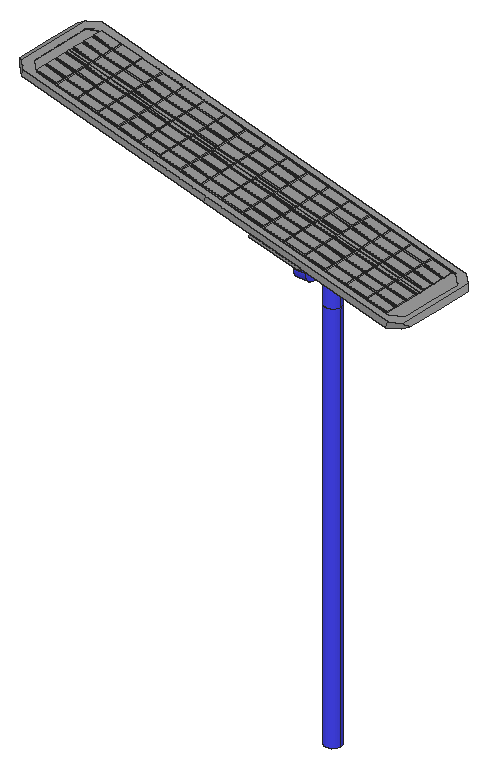
Revit family "BLS-10 & 8A", category Lighting Fixtures, host Face, Revit 2023
Family settings
  Host = Face
  Round Connector Dimension = Use Diameter
  Part Type = Normal
  Cut with Voids When Loaded = No
  Light Source = Yes
  Maintain Annotation Orientation = No
  Shared = No
  Room Calculation Point = No
Parameters (values of type "BLS-8A")
  Wattage Comments = "45.3"
  Wattage = 45.3 W
  built-in parameter 1150110 = 1 (stored number, unit not read)
  Type Image = BLS-8A IMAGE.PNG
  Type Comments = "APPLICATION: The BLS-8A is ideal for temporary lighting, \r\npathways, parking areas, public walkways, parks and roads.\r\nSPECIFICATIONS\r\nSolar Panel 75W, 16.2V\r\nLI-ION Battery 577.2 Wh, 39 Ah, 14.8V\r\nLumen Output\r\n3030 LEDS 180-190lpw @ 150mA, 5.8-6V\r\nOperation Time 36 hrs (after full charge)\r\nDischarge Time\r\nDischarge Operating Temperature -20° to 60°C (-4° to 140°F)\r\nCharge Time 10-12 hrs minimum\r\nCharge Operating Temperature 0° to 60°C ( 32° to 140°F)\r\nMin. Solar Direct Normal Irradiance 0.2 KWh/m2\r\nOperation Mode (Green Light) 5 hrs @ 100% + 7 hrs @ 30%\r\n(+ PIR 100%)\r\nOperation Mode (Orange Light) 5 hrs @ 70% + 7 hrs @ 30%\r\n(+ PIR 100%)\r\nOperation Mode (Red Light) 12 hrs @ 30% (+ PIR 100%)\r\nMounting Height 19 - 26 ft\r\nEffective Projected Area (EPA) 6.4 ft2\r\nCertifications IP65 / ROHS / FCC\r\nWeight 45.0 lb / 20.4 kg\r\nWarranty 3 years\r\nUpon proper installation and start-up, Beghelli does not guarantee product performance meets specified performance levels. Unknown \r\nenvironmental conditions effect performance. In no event shall Beghelli be liable for special, incidental or consequential damages related directly or \r\nindirectly to the lack of product functionality and / or performance. \r\nADVANTAGES\r\n• Integrated Solution\r\n• Environmentally Friendly\r\n• Easy Installation\r\n• $0 Energy Costs\r\n• PIR Motion Sensor\r\n• 3 Lighting Modes\r\nEXTRUDED ALUMINUM FRAMING \r\nWITH CLEAR ANODIZED FINISH\r\nSOLAR PANEL - 75W\r\nOPERATION MODES SWITCH\r\n(on/ off- depress long 1.5 sec)\r\n61.5\"\r\n15\"\r\n381 mm\r\n1563 mm\r\nOPERATION MODES \r\nLIGHT INDICATOR\r\nFABRICATED STEEL POST TOP MOUNTING \r\nBRACKET WITH GRAY PAINTED FINISH\r\n160 MID POWER LED\r\nPIR MOTION SENSOR\r\nSLIP-FIT FOR 2.75\" O.D \r\nX 5\" LONG TENON\r\n2.75\" O.D X 5\" TENON/\r\nPOLE (BY OTHERS)\r\nBATTERY\r\n6518 lm @ 5700°K\r\n1\r\n (5 SCDM)\r\n(2)\r\nSET SCREWS (PROVIDED)\r\nBLS-8A\r\nType II / B2-U1-G1\r\nSystem Power Delivery 45.3W\r\nThe LUCE SOLARE BLS-8A is a solar street and area lighting \r\nsolution that integrates the solar panel, battery and LED module \r\ninto a single low-profile fixture. BLS-8A utilitizes battery \r\ntechnology that will not drain below 10% capacity to \r\nensure reliable re-charge for maximum performance.\r\nThe BLS-8A design eliminates bulky external battery \r\nboxes, while maximizing light output by using high \r\nefficiency mono-crystalline silicon solar cells and LEDs.\r\nThe BLS-8A incorporates a night sensor that detects \r\nambient light to automatically turn the fixture on/off. An \r\ni"
  built-in parameter 1114217 = 0.9 (stored number, unit not read)
  Tilt Angle = 60.00°
  built-in parameter 1150109 = 1 (stored number, unit not read)
  built-in parameter 1150134 = (empty or 0)
  built-in parameter 1150113 = 1 (stored number, unit not read)
  Photometric Web File = "BLS-8A-5700°K.ies"
  POLE MATERIAL = BRACKET
  POLE HEIGHT = 5.0 ft
  built-in parameter 1150142 = "IESNA:LM-63-2002\r\n[TEST] -         \r\n[TESTLAB] BEGHELLI         \r\n[TESTDATE] 2017-2-14         \r\n[ISSUEDATE] 2017-2-14 15:9:47        \r\n[NEARFIELD]          \r\n[LAMPPOSITION] \"0,0\"         \r\n[OTHER] \r\n[MANUFAC] BEGHELLI\r\n[LUMCAT] BLS-8A-5700°K         \r\n[OTHER] TOTAL LUMINAIRE WATTS REPRESENT LUMINAIRE POWER DELIVERY\r\nTILT=NONE\r\n1 8148.29 0.8 181 17 1 2 0 0 0\r\n1 1 45.3\r\n0 1 2 3 4 5 6 7 8 9 10 11 12 13 14 15 16 17 18 19 20 21 22 23 24 25 26 27 28 29 30 31 32 33 34 35 36 37 38 39 40 41 42 43 44 45 46 47 48 49 50 51 52 53 54 55 56 57 58 59 60 61 62 63 64 65 66 67 68 69 70 71 72 73 74 75 76 77 78 79 80 81 82 83 84 85 86 87 \r\n88 89 90 91 92 93 94 95 96 97 98 99 100 101 102 103 104 105 106 107 108 109 110 111 112 113 114 115 116 117 118 119 120 121 122 123 124 125 126 127 128 129 130 131 132 133 134 135 136 137 138 139 140 141 142 143 144 145 146 147 148 149 150 151 152 153 154\r\n 155 156 157 158 159 160 161 162 163 164 165 166 167 168 169 170 171 172 173 174 175 176 177 178 179 180\r\n0 22.5 45 67.5 90 112.5 135 157.5 180 202.5 225 247.5 270 292.5 315 337.5 360\r\n2778.373 2776.36 2769.34 2760.71 2753.45 2749.21 2738.30 2723.71 2716.47 2713.69 2716.39 2722.41 2736.17 2743.92 2750.02 2751.42 2751.50 2766.57 2790.61 2808.37 2818.06 2832.08 2837.95 2839.33 2821.98 2776.76 2733.98 2686.47 2641.99 2596.19 2559.61 \r\n2525.13 2490.60 2453.51 2424.92 2394.20 2354.50 2307.43 2249.64 2164.99 2074.62 1998.02 1920.44 1852.02 1794.89 1751.95 1720.49 1718.21 1751.54 1876.69 2059.71 2027.12 1761.07 1506.84 1210.74 982.33 846.50 755.90 698.94 651.11 615.18 587.06 560.90 540.70 \r\n513.01 487.00 455.30 449.69 433.87 426.64 410.50 394.76 385.15 366.18 353.79 345.22 345.64 341.08 262.60 185.68 136.72 130.51 137.93 79.76 40.56 32.41 22.56 14.25 8.53 3.32 0.00 0.00 0.00 0.00 0.00 0.00 0.00 0.00 0.00 0.00 0.00 0.00 0.00 0.00 0.00 0.00 \r\n0.00 0.00 0.00 0.00 0.00 0.00 0.00 0.00 0.00 0.00 0.00 0.00 0.00 0.00 0.00 0.00 0.00 0.00 0.00 0.00 0.00 0.00 0.00 0.00 0.00 0.00 0.00 0.00 0.00 0.00 0.00 0.00 0.00 0.00 0.00 0.00 0.00 0.00 0.00 0.00 0.00 0.00 0.00 0.00 0.00 0.00 0.00 0.00 0.00 0.00 0.00 \r\n0.00 0.00 0.00 0.00 0.00 0.00 0.00 0.00 0.00 0.00 0.00 0.00 0.00 0.00 0.00 0.00 0.00 0.00 0.00 0.00 0.00 0.00 0.00 0.00\r\n2778.373 2777.09 2772.04 2759.65 2746.29 2739.19 2733.98 2725.51 2722.08 2722.08 2729.58 2739.36 2747.75 2749.78 2758.09 2771.13 2783.43 2791.10 2796.71 2803.32 2803.00 2795.58 2789.96 2787.92 2781.49 2776.68 2767.05 2746.29 2718.98 2682.73 2639.21 \r\n2593.10 2541.26 2490.52 2446.51 2409.51 2371.05 2329.42 2283.87 2222.68 2154.30 2081.37 1994.11 1915.39 1833.26 1759.60 1701.51 1656.04 1637.46 1634.37 1660.20 1810.78 1956.80 1866.27 1603.41 1381.44 1161.60 1022.44 922.45 869.17 820.43 782.05 744.25 \r\n704.49 669.94 639.63 608.49 591.46 575.75 556.84 532.06 516.34 491.66 475.11 460.86 436.33 409.52 371.06 347.34 327.79 295.76 228.70 173.78 122.62 116.26 91.48 47.57 32.33 25.40 17.41 10.34 3.24 0.08 0.00 0.00 0.00 0.00 0.00 0.00 0.00 0.00 0.00 0.00 0.00 \r\n0.00 0.00 0.00 0.00 0.00 0.00 0.00 0.00 0.00 0.00 0.00 0.00 0.00 0.00 0.00 0.00 0.00 0.00 0.00 0.00 0.00 0.00 0.00 0.00 0.00 0.00 0.00 0.00 0.00 0.00 0.00 0.00 0.00 0.00 0.00 0.00 0.00 0.00 0.00 0.00 0.00 0.00 0.00 0.00 0.00 0.00 0.00 0.00 0.00 0.00 0.00 \r\n0.00 0.00 0.00 0.00 0.00 0.00 0.00 0.00 0.00 0.00 0.00 0.00 0.00 0.00 0.00 0.00 0.00 0.00 0.00 0.00 0.00 0.00 0.00 0.00 0.40 0.00\r\n2778.373 2785.97 2785.16 2770.24 2755.01 2744.16 2743.51 2751.34 2764.05 2772.28 2778.55 2782.70 2786.37 2786.05 2786.05 2772.77 2756.63 2743.51 2731.94 2723.38 2722.89 2722.41 2703.34 2682.49 2669.76 2651.52 2644.51 2642.07 2638.80 2632.77 2626.74 \r\n2616.48 2605.15 2589.26 2572.32 2547.14 2536.94 2527.74 2515.19 2493.92 2468.43 2444.80 2418.24 2384.50 2339.93 2282.23 2223.65 2166.12 2098.66 2007.56 1904.81 1834.57 1788.36 1772.40 1769.79 1768.40 1783.15 1856.98 1820.06 1696.62 1557.28 1414.04 1317.73\r\n 1259.78 1218.16 1186.62 1168.61 1156.31 1132.91 1110.83 1054.86 967.35 866.88 775.30 692.99 630.75 582.42 551.46 516.66 480.24 431.93 374.32 323.95 289.65 270.19 233.75 187.49 148.11 120.01 100.70 68.68 44.64 18.65 5.53 0.00 0.00 0.00 0.00 0.00 0.00 0.00\r\n 0.00 0.00 0.00 0.00 0.00 0.00 0.00 0.00 0.00 0.00 0.00 0.00 0.00 0.00 0.00 0.00 0.00 0.00 0.00 0.00 0.00 0.00 0.00 0.00 0.00 0.00 0.00 0.00 0.00 0.00 0.00 0.00 0.00 0.00 0.00 0.00 0.00 0.00 0.00 0.00 0.00 0.00 0.00 0.00 0.00 0.00 0.00 0.00 0.00 0.00 0.00\r\n 0.00 0.00 0.00 0.00 0.00 0.00 0.00 0.00 0.00 0.00 0.00 0.00 0.00 0.00 0.00 0.00 0.00 0.00 0.00 0.00 0.40 0.40 0.40 0.40 0.40 0.40 0.40 0.40 0.00\r\n2778.373 2786.37 2778.47 2755.98 2736.74 2724.45 2720.45 2719.55 2719.47 2718.09 2719.47 2726.00 2730.31 2731.77 2733.15 2728.51 2728.02 2729.91 2734.07 2746.45 2757.93 2761.36 2760.14 2760.54 2769.34 2775.45 2793.23 2789.31 2751.91 2725.83 2714.01 \r\n2699.36 2685.00 2685.98 2712.88 2744.65 2763.30 2759.65 2732.99 2702.85 2689.16 2693.49 2711.25 2713.36 2707.25 2698.13 2695.52 2702.45 2709.45 2712.39 2711.99 2707.01 2702.19 2698.78 2688.83 2678.74 2688.18 2662.52 2628.37 2572.57 2486.59 2380.92 2212.16\r\n 2063.87 1956.55 1792.60 1642.52 1514.99 1446.87 1474.74 1409.40 1277.81 1146.93 973.95 804.37 674.42 645.65 668.38 626.84 541.76 441.70 382.94 379.70 325.51 264.56 253.80 223.41 155.13 114.87 106.15 87.73 57.92 34.60 17.65 3.73 0.00 0.00 0.00 0.00 0.00 \r\n0.00 0.00 0.00 0.00 0.00 0.00 0.00 0.00 0.00 0.00 0.00 0.00 0.00 0.00 0.00 0.00 0.00 0.00 0.00 0.00 0.00 0.00 0.00 0.00 0.00 0.00 0.00 0.00 0.00 0.00 0.00 0.00 0.00 0.00 0.00 0.00 0.00 0.00 0.00 0.00 0.00 0.00 0.00 0.00 0.00 0.00 0.00 0.00 0.00 0.00 0.00 \r\n0.00 0.00 0.00 0.00 0.00 0.00 0.00 0.00 0.00 0.00 0.00 0.00 0.00 0.00 0.00 0.00 0.00 0.00 0.00 0.00 0.00 0.00 0.00 0.00 0.00 0.00 0.00 0.89 0.89 0.00\r\n2778.373 2792.88 2786.46 2769.42 2745.14 2733.74 2737.64 2754.34 2777.49 2798.52 2823.93 2839.83 2831.60 2819.21 2803.40 2781.81 2752.39 2724.53 2699.52 2684.11 2684.11 2683.78 2691.53 2735.20 2770.64 2766.81 2766.48 2769.18 2767.72 2757.04 2729.83 \r\n2722.49 2725.17 2741.64 2742.46 2730.31 2709.70 2693.57 2679.95 2669.76 2661.38 2650.54 2637.17 2623.97 2614.61 2605.89 2593.18 2582.50 2567.84 2548.20 2537.35 2528.63 2522.69 2525.96 2537.67 2544.28 2527.50 2472.34 2397.94 2305.05 2206.86 2089.85 1972.69\r\n 1853.96 1778.51 1762.29 1796.69 1767.19 1629.07 1462.36 1278.62 1115.15 1014.77 1036.93 1072.05 991.39 852.38 728.19 660.00 566.77 431.76 439.83 453.11 359.00 261.55 187.38 142.17 107.46 86.11 74.71 63.62 47.99 34.12 19.54 7.23 0.00 0.00 0.40 0.00 1.29 \r\n0.89 0.89 0.89 0.89 0.89 1.29 1.29 1.29 1.29 1.29 1.29 1.29 1.29 1.29 1.29 1.29 1.29 1.29 1.29 1.29 1.29 1.29 1.29 1.29 1.29 1.29 1.29 1.29 1.29 1.29 1.29 1.29 1.29 1.29 1.29 1.29 1.29 1.29 1.29 1.29 1.29 1.29 1.29 1.29 1.29 1.29 1.29 1.29 1.29 1.29 1.29 \r\n1.29 1.29 1.29 1.29 1.29 1.29 1.29 1.29 1.29 1.29 1.29 1.29 1.29 1.29 1.29 1.29 1.29 0.89 0.89 0.89 0.89 0.89 0.89 1.29 0.40 0.40 0.40 0.40 0.40 0.00\r\n2778.373 2791.50 2786.54 2768.53 2751.50 2748.40 2754.02 2777.25 2816.20 2825.57 2811.88 2778.22 2728.83 2665.94 2613.54 2578.67 2574.59 2582.66 2585.77 2579.32 2559.21 2532.87 2523.75 2529.87 2546.58 2560.02 2561.07 2552.35 2535.24 2521.80 2518.05 \r\n2516.35 2521.15 2549.17 2579.97 2591.95 2591.54 2594.57 2604.74 2615.51 2617.86 2612.16 2596.84 2582.58 2565.55 2550.41 2526.04 2500.37 2479.67 2456.70 2432.65 2403.41 2354.85 2299.68 2233.42 2165.15 2093.68 2013.42 1920.95 1834.00 1753.00 1676.97 1607.81\r\n 1538.21 1455.02 1349.58 1243.17 1143.92 1048.02 934.92 838.35 754.35 679.63 615.58 538.26 453.92 383.12 341.89 310.11 263.25 218.04 187.22 166.78 148.45 124.41 91.00 62.48 43.66 36.17 35.18 28.83 18.24 9.28 0.89 0.00 0.00 0.00 0.00 0.40 0.89 0.40 1.37 \r\n0.89 0.89 0.89 0.89 0.89 0.89 0.89 0.89 0.89 0.89 0.89 0.89 0.89 0.89 0.89 0.89 0.89 0.89 0.89 0.89 0.89 0.89 0.89 0.89 0.89 0.89 0.89 0.89 0.89 0.89 0.89 0.89 0.89 0.89 0.89 0.89 0.89 0.89 0.89 0.89 0.89 0.89 0.89 0.89 0.89 0.89 0.89 0.89 0.89 0.89 0.89 \r\n0.89 0.89 0.89 0.89 0.89 0.89 0.89 0.89 0.89 0.89 0.89 0.89 0.89 0.89 0.89 0.89 0.89 0.89 0.89 0.89 0.89 0.89 0.89 0.89 0.89 0.89 0.89 0.00\r\n2778.373 2787.35 2774.72 2753.45 2734.39 2712.88 2699.02 2684.11 2645.98 2581.61 2504.93 2431.02 2369.18 2319.71 2281.99 2272.87 2254.29 2201.90 2158.78 2135.97 2120.91 2111.12 2098.66 2084.23 2070.79 2054.57 2035.43 2013.92 1991.51 1966.08 1947.91 \r\n1936.34 1936.34 1937.23 1936.82 1936.34 1935.77 1930.97 1914.83 1893.56 1863.33 1832.94 1802.79 1778.43 1762.71 1744.45 1727.74 1709.66 1691.49 1673.41 1650.66 1614.89 1567.96 1506.27 1431.07 1351.79 1272.98 1197.30 1123.87 1060.55 1014.04 965.56 899.23 \r\n806.66 707.18 613.48 533.13 490.27 471.52 433.71 381.81 334.39 297.31 276.29 258.12 246.55 235.80 215.91 193.99 167.68 147.87 148.19 142.17 130.51 105.34 68.84 43.74 30.54 27.85 25.80 17.09 7.40 0.00 0.00 0.00 0.00 0.00 0.00 0.00 0.40 0.00 0.00 0.89 0.89 \r\n1.37 1.37 1.37 1.37 1.37 1.37 1.37 1.37 1.37 1.37 1.37 1.37 1.37 1.37 1.37 1.37 1.37 1.37 1.37 1.37 1.37 1.37 1.37 1.37 1.37 1.37 1.37 1.37 1.37 1.37 1.37 1.37 1.37 1.37 1.37 1.37 1.37 1.37 1.37 1.37 0.89 0.89 0.89 0.89 0.89 0.89 0.89 0.89 0.89 0.89 0.89 \r\n0.89 0.89 0.89 0.89 0.89 0.89 0.89 0.89 0.89 0.89 0.89 0.89 0.89 0.89 0.89 0.89 0.40 0.40 0.40 0.40 0.40 0.40 0.40 0.40 0.40 0.00\r\n2778.373 2781.73 2763.54 2729.42 2688.99 2652.81 2616.40 2547.14 2488.71 2450.83 2409.51 2355.98 2286.63 2228.70 2186.09 2152.03 2129.30 2110.87 2090.68 2069.25 2038.44 1989.14 1929.99 1863.09 1789.27 1712.60 1622.72 1531.45 1449.81 1373.87 1301.83 \r\n1237.38 1170.16 1106.35 1050.54 995.05 946.81 900.45 856.70 814.25 771.95 733.17 699.93 672.70 648.84 630.91 618.20 605.08 593.75 584.14 578.92 575.58 572.40 568.16 563.76 554.88 537.45 518.46 491.40 466.72 449.93 440.56 436.33 428.99 412.69 388.90 364.29\r\n 346.69 342.94 342.45 329.99 294.30 260.65 256.57 274.10 293.32 276.45 218.28 150.57 108.35 106.96 118.54 112.59 92.71 69.49 61.17 60.04 47.57 29.07 17.65 8.21 0.00 0.00 0.00 0.00 0.00 0.00 0.00 0.00 0.00 0.00 0.00 0.00 0.00 0.00 0.00 0.00 0.00 0.00 0.00 \r\n0.00 0.00 0.00 0.00 0.00 0.00 0.00 0.00 0.00 0.00 0.00 0.00 0.00 0.00 0.00 0.40 1.29 0.89 0.89 0.89 0.89 0.89 0.89 0.89 0.89 0.89 0.89 0.89 0.89 0.89 0.89 0.89 0.89 0.89 0.89 0.89 0.89 0.89 0.89 0.89 0.89 0.89 0.89 0.89 0.89 0.89 0.89 0.89 0.89 0.89 0.89 \r\n0.89 0.89 0.89 0.89 0.89 0.89 0.89 0.89 0.89 0.89 0.89 0.89 0.89 0.89 0.89 0.89 0.89 0.89 0.89 0.00\r\n2778.373 2780.17 2762.25 2732.59 2705.13 2673.77 2612.00 2522.53 2455.63 2416.77 2400.06 2344.00 2272.79 2229.36 2188.44 2147.31 2104.61 2058.97 2015.54 1968.29 1915.72 1845.33 1756.27 1658.56 1546.45 1419.17 1282.69 1155.73 1041.74 942.41 851.55 773.41 \r\n723.14 681.59 646.79 619.42 593.91 574.68 556.34 536.64 520.58 502.74 485.53 470.96 459.22 449.28 440.56 432.09 422.15 415.30 410.98 405.04 404.13 403.64 404.13 404.64 406.58 411.23 416.44 428.42 439.67 452.29 451.73 447.49 434.87 414.25 409.36 416.76 \r\n422.80 411.47 381.08 344.98 311.50 268.72 214.13 167.27 162.63 174.75 171.75 151.21 126.92 109.58 94.02 44.56 11.80 0.00 0.00 0.00 0.00 0.00 0.00 0.00 0.00 0.00 0.00 0.00 0.00 0.00 0.00 0.00 0.00 0.00 0.00 0.00 0.00 0.00 0.00 0.00 0.00 0.00 0.00 0.00 0.00\r\n 0.00 0.00 0.00 0.00 0.00 0.00 0.00 0.00 0.00 0.00 0.00 0.00 0.00 0.00 0.00 0.00 0.00 0.00 0.00 0.00 0.00 0.00 0.00 0.00 0.00 0.00 0.00 0.00 0.00 0.00 0.00 0.00 0.40 0.40 0.40 0.40 0.40 0.40 0.40 0.40 0.40 0.40 0.40 0.40 0.40 0.40 0.40 0.40 0.40 0.40 0.40\r\n 0.40 0.40 0.40 0.40 0.40 0.40 0.40 0.40 0.40 0.40 0.40 0.00 0.00 0.00 0.00 0.00 0.00\r\n2778.373 2767.64 2750.26 2728.59 2700.65 2686.81 2646.47 2572.16 2506.96 2460.76 2411.80 2339.76 2250.05 2198.97 2166.45 2144.93 2122.85 2097.11 2069.25 2032.90 1986.46 1932.02 1868.78 1801.09 1723.26 1642.36 1562.01 1491.78 1430.91 1362.13 1288.15 \r\n1214.41 1150.20 1090.87 1037.18 985.03 936.38 884.40 829.31 783.68 738.46 700.98 669.12 648.84 631.97 615.75 601.09 588.86 583.48 576.23 570.52 566.37 559.04 548.61 536.22 523.83 511.20 488.96 466.80 450.82 442.10 440.73 435.03 416.44 388.26 361.19 343.83\r\n 345.96 356.55 354.27 332.02 296.18 279.07 287.62 308.88 294.06 238.31 165.47 112.02 100.62 107.70 107.87 99.07 83.33 69.97 61.83 45.61 28.18 18.16 12.36 0.89 0.00 0.00 0.00 0.00 0.00 0.00 0.00 0.00 0.00 0.00 0.00 0.00 0.00 0.00 0.40 0.00 0.00 0.00 0.00 \r\n0.00 0.00 0.00 0.00 0.00 0.00 0.00 0.00 0.00 0.00 0.00 0.00 0.00 0.40 0.89 0.89 0.89 0.89 0.89 0.89 0.40 0.40 0.40 0.40 0.40 0.40 0.40 0.40 0.40 0.40 0.40 0.40 0.40 0.40 0.89 0.00 0.00 0.00 0.00 0.00 0.00 0.00 0.40 0.00 0.00 0.00 0.00 0.00 0.00 0.00 0.00 \r\n0.00 0.00 0.00 0.00 0.00 0.00 0.00 0.00 0.00 0.00 0.00 0.00 0.00 0.00 0.00 0.00 0.00 0.00 0.00 0.00\r\n2778.373 2756.31 2744.41 2726.64 2726.64 2726.00 2715.55 2678.25 2597.74 2506.31 2421.90 2351.66 2303.02 2280.28 2280.86 2262.60 2207.04 2160.26 2133.78 2127.82 2125.88 2120.24 2111.95 2096.62 2079.67 2058.56 2033.46 2005.27 1981.90 1960.71 1950.60 \r\n1945.06 1946.54 1951.10 1951.10 1949.05 1940.33 1930.80 1909.37 1872.87 1834.81 1809.47 1784.95 1763.60 1750.48 1739.24 1723.91 1697.27 1659.62 1612.86 1564.78 1508.72 1443.87 1368.58 1286.85 1208.04 1137.08 1078.25 1029.03 982.83 926.37 850.66 753.79 \r\n649.24 561.08 504.85 476.49 450.17 413.60 368.69 328.43 297.88 276.53 266.43 252.25 233.91 209.89 183.90 164.74 156.91 153.25 148.85 132.24 93.86 61.43 35.92 29.39 27.93 24.18 14.73 6.99 0.00 0.00 0.00 0.00 0.00 0.00 0.00 0.40 0.00 0.00 0.00 0.40 1.29 \r\n0.89 1.29 1.29 1.29 1.29 1.29 1.29 1.29 1.29 1.29 1.29 1.29 1.29 1.29 1.29 1.29 1.29 1.29 1.29 1.29 1.29 1.29 1.29 1.29 1.29 1.29 1.29 1.29 1.29 1.29 1.29 1.29 1.29 1.29 1.29 1.29 1.29 1.29 1.29 1.29 1.29 0.89 0.89 0.89 0.89 0.89 0.89 0.89 0.89 0.89 0.89 \r\n0.89 0.89 0.89 0.89 0.89 0.89 0.89 0.89 0.89 0.89 0.89 0.89 0.89 0.89 0.89 0.89 0.89 0.89 0.89 0.89 0.89 0.89 1.29 0.40 0.40 0.00\r\n2778.373 2744.81 2730.88 2733.07 2757.69 2785.48 2813.02 2827.36 2817.25 2788.16 2740.65 2678.17 2615.35 2589.44 2593.58 2611.03 2614.35 2597.66 2566.36 2521.88 2490.92 2482.27 2482.45 2492.62 2495.48 2494.74 2488.39 2486.03 2489.28 2488.87 2492.71 \r\n2516.83 2542.42 2565.71 2591.14 2607.28 2611.68 2617.62 2616.56 2607.20 2587.71 2568.90 2554.06 2537.78 2517.40 2499.06 2478.86 2458.89 2442.19 2423.53 2390.45 2343.03 2294.54 2237.75 2168.74 2089.93 2000.71 1910.02 1830.33 1750.64 1667.93 1566.49 1446.95\r\n 1333.61 1237.30 1143.84 1046.14 948.20 846.75 747.66 663.82 607.52 537.61 450.74 383.86 347.75 316.87 270.67 227.57 198.56 182.01 162.55 133.45 98.99 65.99 47.57 40.00 37.54 34.20 22.89 14.65 4.56 0.89 0.40 0.00 0.40 0.89 0.89 0.89 1.29 0.89 0.89 0.89 \r\n0.89 0.89 0.89 0.89 0.89 0.89 0.89 0.89 0.89 0.89 0.89 0.89 0.89 0.89 0.89 0.89 0.89 0.89 0.89 0.89 0.89 0.89 0.89 0.89 0.89 0.89 0.89 0.89 0.89 0.89 0.89 0.89 0.89 0.89 0.89 0.89 0.89 0.89 0.89 0.89 0.89 0.89 0.89 0.89 1.29 0.40 0.89 0.40 0.40 0.40 0.40 \r\n0.40 0.40 0.40 0.40 0.40 0.40 0.40 0.40 0.40 0.40 0.40 0.40 0.40 0.40 0.40 0.40 0.40 0.40 0.40 0.40 0.40 0.40 0.40 0.40 0.40 0.40 0.00\r\n2778.373 2731.69 2718.74 2717.76 2729.67 2754.58 2773.66 2794.93 2810.99 2824.43 2828.59 2827.28 2814.89 2791.34 2774.72 2752.31 2724.35 2706.27 2714.34 2732.50 2754.77 2791.18 2813.91 2823.69 2808.78 2797.20 2788.48 2788.83 2790.21 2794.36 2793.15 \r\n2792.64 2792.15 2782.38 2769.51 2753.61 2736.09 2726.40 2720.61 2715.07 2709.94 2709.78 2710.26 2700.57 2685.90 2671.32 2655.19 2640.11 2626.50 2622.34 2622.26 2624.15 2626.90 2612.33 2569.79 2514.22 2438.85 2348.72 2218.52 2076.57 1963.31 1922.25 1947.59\r\n 2006.50 2021.09 1949.94 1815.26 1608.94 1364.33 1276.25 1305.91 1336.06 1250.66 1099.12 967.11 892.71 868.10 644.76 484.64 440.56 363.80 313.52 265.45 207.35 156.26 111.29 89.93 73.81 55.96 37.14 27.61 15.79 7.64 1.37 0.00 0.00 0.00 0.00 0.00 0.00 0.00 \r\n0.00 0.00 0.00 0.00 0.00 0.00 0.00 0.00 0.00 0.00 0.00 0.00 0.00 0.00 0.00 0.00 0.00 0.00 0.00 0.00 0.00 0.00 0.00 0.00 0.00 0.00 0.00 0.00 0.00 0.00 0.00 0.00 0.00 0.00 0.00 0.00 0.00 0.00 0.00 0.00 0.00 0.00 0.00 0.00 0.00 0.00 0.00 0.00 0.00 0.00 0.00 \r\n0.00 0.89 0.40 0.40 1.29 0.89 0.89 0.89 0.89 0.89 0.89 0.89 0.89 0.89 
    0.89 0.89 0.89 0.89 0.89 0.89 0.89 0.89 0.89 0.89 0.89 0.89 0.89 0.89 0.00\r\n2778.373 2739.52 2719.14 2717.20 2709.94 2704.48 2718.17 2735.53 2743.43 2755.33 2769.26 2775.45 2777.41 2771.80 2767.05 2767.48 2778.55 2792.31 2798.92 2796.71 2788.83 2795.17 2806.99 2822.22 2838.76 2843.73 2865.74 2878.53 2880.41 2866.96 2854.90 \r\n2857.35 2901.26 2950.89 2968.98 2963.93 2912.76 2863.62 2829.72 2811.96 2802.84 2787.67 2777.49 2773.66 2774.07 2773.66 2789.64 2804.78 2822.80 2843.49 2862.48 2885.70 2902.97 2918.29 2919.52 2891.33 2830.05 2743.76 2650.30 2537.86 2383.03 2174.60 2030.86\r\n 1981.49 1956.96 1971.79 1978.55 1901.87 1753.09 1579.52 1322.61 1027.73 896.87 861.02 869.09 840.48 740.25 588.86 496.14 493.20 436.57 334.47 314.99 282.40 177.45 131.00 120.98 101.75 72.90 53.76 39.92 24.10 8.77 1.45 0.00 0.00 0.00 0.00 0.00 0.00 0.00 \r\n0.00 0.00 0.00 0.00 0.00 0.00 0.00 0.00 0.00 0.00 0.00 0.00 0.00 0.00 0.00 0.00 0.00 0.00 0.00 0.00 0.00 0.00 0.00 0.00 0.00 0.00 0.00 0.00 0.00 0.00 0.00 0.00 0.00 0.00 0.00 0.00 0.00 0.00 0.00 0.00 0.00 0.00 0.00 0.00 0.00 0.00 0.00 0.00 0.00 0.00 0.00 \r\n0.00 0.00 0.00 0.40 0.89 0.40 0.40 0.40 0.40 0.40 0.40 0.40 0.40 0.40 0.40 0.40 0.40 0.40 0.40 0.40 0.40 0.40 0.40 0.40 0.40 0.40 0.40 0.40 0.00\r\n2778.373 2752.31 2736.66 2729.18 2720.13 2718.09 2733.07 2753.85 2773.42 2788.75 2796.31 2797.44 2789.15 2782.95 2771.13 2764.05 2758.74 2748.16 2743.68 2756.96 2771.53 2783.92 2797.71 2800.79 2793.31 2765.51 2747.67 2732.83 2732.26 2744.49 2751.10 \r\n2738.95 2717.12 2693.39 2672.46 2652.41 2641.83 2632.21 2616.73 2598.24 2572.32 2542.82 2514.05 2490.02 2466.06 2429.40 2353.21 2281.10 2208.90 2140.29 2080.64 2035.75 2031.02 2032.73 2004.79 1959.00 1969.75 2030.21 1989.47 1852.91 1723.26 1599.58 1532.02\r\n 1500.82 1470.83 1424.79 1375.74 1310.96 1221.98 1121.52 998.88 877.14 773.66 697.07 674.75 653.64 620.96 570.04 495.32 421.08 356.55 324.29 313.04 291.86 247.53 200.50 171.35 141.20 110.55 77.80 44.96 20.27 6.83 0.16 0.00 0.00 0.00 0.00 0.00 0.00 0.00 \r\n0.00 0.00 0.00 0.00 0.00 0.00 0.00 0.00 0.00 0.00 0.00 0.00 0.00 0.00 0.00 0.00 0.00 0.00 0.00 0.00 0.00 0.00 0.00 0.00 0.00 0.00 0.00 0.00 0.00 0.00 0.00 0.00 0.00 0.00 0.00 0.00 0.00 0.00 0.00 0.00 0.00 0.00 0.00 0.00 0.00 0.00 0.00 0.00 0.00 0.00 0.00 \r\n0.00 0.00 0.00 0.00 0.00 0.00 0.00 0.00 0.00 0.00 0.00 0.00 0.00 0.00 0.00 0.00 0.00 0.00 0.00 0.40 0.40 0.40 0.40 0.89 1.29 0.89 0.89 0.89 0.00\r\n2778.373 2766.48 2758.25 2751.42 2740.49 2737.24 2748.89 2768.45 2783.27 2797.55 2801.19 2800.79 2801.19 2805.35 2808.70 2811.07 2810.57 2803.16 2794.44 2789.07 2789.07 2801.19 2814.81 2819.79 2816.28 2798.60 2768.13 2723.38 2677.02 2629.68 2568.01 \r\n2513.32 2456.70 2408.37 2361.76 2325.51 2300.65 2269.44 2241.25 2198.56 2141.10 2074.70 1997.54 1925.67 1850.45 1790.09 1739.97 1693.76 1667.28 1652.06 1671.93 1844.27 1986.21 1868.62 1619.21 1420.31 1218.32 1082.98 985.19 917.40 868.10 828.26 789.96 \r\n758.84 732.52 708.23 683.71 660.00 630.43 605.97 583.24 563.11 545.42 529.13 496.95 465.66 421.00 390.20 366.99 333.01 295.92 226.92 168.65 138.02 121.47 89.53 48.47 32.58 26.22 15.14 7.07 0.40 0.00 0.00 0.00 0.00 0.00 0.00 0.00 0.00 0.00 0.00 0.00 0.00 \r\n0.00 0.00 0.00 0.00 0.00 0.00 0.00 0.00 0.00 0.00 0.00 0.00 0.00 0.00 0.00 0.00 0.00 0.00 0.00 0.00 0.00 0.00 0.00 0.00 0.00 0.00 0.00 0.00 0.00 0.00 0.00 0.00 0.00 0.00 0.00 0.00 0.00 0.00 0.00 0.00 0.00 0.00 0.00 0.00 0.00 0.00 0.00 0.00 0.00 0.00 0.00 \r\n0.00 0.00 0.00 0.00 0.00 0.00 0.00 0.00 0.00 0.00 0.00 0.00 0.00 0.00 0.00 0.00 0.00 0.00 0.00 0.00 0.00 0.00 0.00 0.00 0.00 0.00\r\n2778.373 2776.36 2769.34 2760.71 2753.45 2749.21 2738.30 2723.71 2716.47 2713.69 2716.39 2722.41 2736.17 2743.92 2750.02 2751.42 2751.50 2766.57 2790.61 2808.37 2818.06 2832.08 2837.95 2839.33 2821.98 2776.76 2733.98 2686.47 2641.99 2596.19 2559.61 \r\n2525.13 2490.60 2453.51 2424.92 2394.20 2354.50 2307.43 2249.64 2164.99 2074.62 1998.02 1920.44 1852.02 1794.89 1751.95 1720.49 1718.21 1751.54 1876.69 2059.71 2027.12 1761.07 1506.84 1210.74 982.33 846.50 755.90 698.94 651.11 615.18 587.06 560.90 540.70 \r\n513.01 487.00 455.30 449.69 433.87 426.64 410.50 394.76 385.15 366.18 353.79 345.22 345.64 341.08 262.60 185.68 136.72 130.51 137.93 79.76 40.56 32.41 22.56 14.25 8.53 3.32 0.00 0.00 0.00 0.00 0.00 0.00 0.00 0.00 0.00 0.00 0.00 0.00 0.00 0.00 0.00 0.00 \r\n0.00 0.00 0.00 0.00 0.00 0.00 0.00 0.00 0.00 0.00 0.00 0.00 0.00 0.00 0.00 0.00 0.00 0.00 0.00 0.00 0.00 0.00 0.00 0.00 0.00 0.00 0.00 0.00 0.00 0.00 0.00 0.00 0.00 0.00 0.00 0.00 0.00 0.00 0.00 0.00 0.00 0.00 0.00 0.00 0.00 0.00 0.00 0.00 0.00 0.00 0.00 \r\n0.00 0.00 0.00 0.00 0.00 0.00 0.00 0.00 0.00 0.00 0.00 0.00 0.00 0.00 0.00 0.00 0.00 0.00 0.00 0.00 0.00 0.00 0.00 0.00\r\n"
  Model = "BLS-8A"
  Manufacturer = "BEGHELLI"
  built-in parameter 1150105 = 519.1 (stored number, unit not read)
  Lumens = 6523.2 lm
  built-in parameter 1150115 = 1 (stored number, unit not read)
  built-in parameter 1150137 = (empty or 0)
  built-in parameter 1150139 = (empty or 0)
  built-in parameter 1150112 = 1 (stored number, unit not read)
  built-in parameter 1150114 = 1 (stored number, unit not read)
  Lamp = "LED"
  Keynote = "LUCE SOLARE"
  built-in parameter 1150132 = (empty or 0)
  built-in parameter 1150102 = (empty or 0)
  built-in parameter 1150107 = 5700 (stored number, unit not read)
  built-in parameter 1150138 = (empty or 0)
  built-in parameter 1150106 = 5.191 (stored number, unit not read)
  Emit from Line Length = 2.0 ft
  built-in parameter 1150104 = 13.378 (stored number, unit not read)
  Dimming Lamp Color Temperature Shift = <None>
  Description = "The LUCE SOLARE BLS-8A is a solar street and area lighting \r\nsolution that integrates the solar panel, battery and LED module \r\ninto a single low-profile fixture. BLS-8A utilitizes battery \r\ntechnology that will not drain below 10% capacity to \r\nensure reliable re-charge for maximum performance."
  Default Elevation = 4.0 ft
  Color Filter = 16777215
  built-in parameter 1114218 = 1 (stored number, unit not read)
  built-in parameter 1150133 = 10 (stored number, unit not read)
Reference planes (ft)
  plane 1 "Center (Front/Back)": y = 0
  plane 2: z = 0
  plane 3 "Center (Left/Right)": x = 0
  plane 4: z = 5
  plane 5: z = 6.253055
Forms (ft)
  Extrusion 1, solid, material "BRACKET" <- "POLE MATERIAL"
    sketch origin (0, 0, 0) x (1, 0, 0) y (0, 1, 0)
      loop
        circle (-0.007812, 0) r 0.099916
      loop
        circle (-0.007812, 0) r 0.091996
    from 0 to 5
Dimensions and locks (ft)
  "POLE HEIGHT": plane 4 to level
  locked: plane 5 to plane 4 at 1.253055
  aligned and locked: plane 2 to host face
  aligned and locked: level to host face
  aligned and locked: Extrusion 1 to host face
  aligned and locked: plane 4 to Extrusion 1
  aligned and locked: nested 1 to plane 4
  aligned and locked: imposter light to plane 5
Automatic sketch dimensions
  host sketch curve to host sketch curve = 4.172295 ft
  host sketch curve to host sketch curve = 4.331376 ft
  Extrusion 1 sketch curve to Extrusion 1 sketch curve = 0.0 ft  (x12)
  plane 1 "Center (Front/Back)" to Extrusion 1 sketch curve = 0.0 ft
  Extrusion 1 sketch curve to plane 3 "Center (Left/Right)" = 0.007812 ft
  Extrusion 1 sketch curve to Extrusion 1 sketch curve = 0.091996 ft
  Extrusion 1 sketch curve to Extrusion 1 sketch curve = 0.00792 ft
Nested families (ft)
  nested 1: "BLS-10 & 8A - LIGHT FIXTURE" at (0, 0, 5), type "BLS-10 & 8A - LIGHT FIXTURE"
Definition of nested family "BLS-10 & 8A - LIGHT FIXTURE"
  Parameters (values of type "BLS-10 & 8A - LIGHT FIXTURE")
    SOLAR PANEL = none
    SENSOR = none
    POLE HEIGHT = 0.416667 ft
    PANEL = none
    LENS = none
    LED CHIP = none
    Default Elevation = 0.0 ft
    BRACKET = none
  Reference planes (ft)
    plane 1 "Center (Front/Back)": y = 0
    plane 2: z = 0
    plane 3 "Center (Left/Right)": x = 0
  Dimensions and locks (ft)
    aligned and locked: plane 2 to level
  Nested families (ft)
    nested 1: "SOLAR PANNEL" at (-1.070728, 0, 1.016858), type "SOLAR PANNEL"
